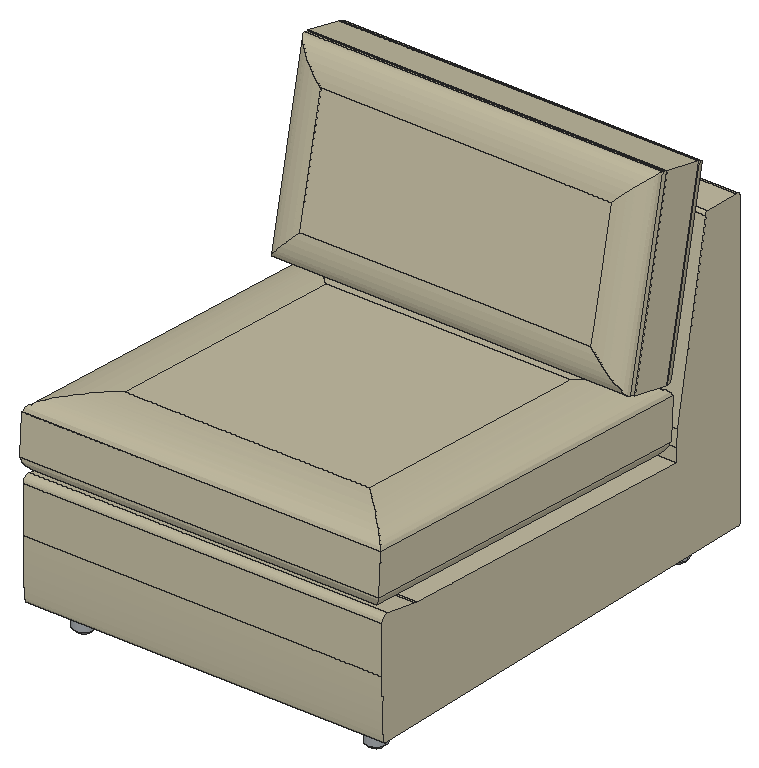
Revit family
Parameters
  URL = "http://www.martinbrattrud.com"
  SCS Certified Product = "Yes"
  Model = "Cypress 820-03"
  Manufacturer = "Martin Brattrud, Inc."
  Leg [instance] = none
  Keynote = "125000"
  Foot [instance] = none
  Copyright = "© 2013 Martin Brattrud, Inc."
  Chair [instance] = none
  Back Cushion [instance] = none
  Authoring Version = "Revit Architecture 2010"
  Assembly Code = "E2020200"
Reference planes (in)
  plane 1 "Center Front/Back": y = 0
  plane 2: z = 0
  plane 3 "Center Left/Right": x = 0
Forms (in)
  Extrusion 1, solid, material <- "Chair"
    sketch origin (0, 0, 0) x (0, 1, 0) y (0, 0, 1)
      loop
        arc (13.84461, 24.5) -> (13.68569, 24.44298) -> (13.59925, 24.29794) r 0.25
        line (13.59925, 24.29794) -> (11.01685, 11.07975)
        arc (11.01685, 11.07975) -> (10.92526, 10.45119) -> (10.89463, 9.81674) r 6.58707
        line (10.89463, 9.81674) -> (10.89463, 8.83599) -> (-13.50686, 10.16953)
        arc (-13.50686, 10.16953) -> (-13.60901, 10.17774) -> (-13.7106, 10.19117) r 2
        line (-13.7106, 10.19117) -> (-16.23955, 10.59172)
        arc (-16.23955, 10.59172) -> (-16.6425, 10.47808) -> (-16.81777, 10.09787) r 0.5
        line (-16.81777, 10.09787) -> (-16.81777, 6.55135)
        spline (-16.81777, 6.55135) -> (-16.81571, 5.95631) -> (-16.80956, 5.37146) -> (-16.79943, 4.8068) -> (-16.78549, 4.27199) -> (-16.76798, 3.77618) -> (-16.7472, 3.32785) -> (-16.72351, 2.93468) -> (-16.6973, 2.60338) -> (-16.66904, 2.33964) -> (-16.63919, 2.14797) -> (-16.60828, 2.03163) -> (-16.57683, 1.99263)
        line (-16.57683, 1.99263) -> (16.67199, 1.99263)
        arc (16.67199, 1.99263) -> (16.76066, 2.02936) -> (16.79739, 2.11803) r 0.1254
        line (16.79739, 2.11803) -> (16.79739, 24.25)
        arc (16.79739, 24.25) -> (16.72417, 24.42678) -> (16.54739, 24.5) r 0.25
        line (16.54739, 24.5) -> (13.84461, 24.5)
    from -13.5 to 13.5
  Extrusion 2, solid, material <- "Chair"
    sketch origin (0, 0, 0) x (0, 1, 0) y (0, 0, 1)
      loop
        line (10.50472, 13.47553) -> (-16.95209, 15.0162) -> (-17.12016, 12.02091) -> (10.33665, 10.48024) -> (10.50472, 13.47553)
    from -13.5 to 13.5
  Sweep 3, solid, material <- "Chair"
    path in 3D
      loop
        line (-13.5, 10.50472, 13.47553) -> (-13.5, -16.95209, 15.0162) -> (13.5, -16.95209, 15.0162) -> (13.5, 10.50472, 13.47553) -> (-13.5, 10.50472, 13.47553)
    profile origin (0, 10.50472, 13.47553) x (0, 0, 1) y (0, 1, 0)
      loop
        line (0.00175, -0.0312) -> (0.3379, -6.02178) -> (1.52353, -5.95525) -> (1.42549, -4.208)
        spline (1.42549, -4.208) -> (1.38427, -3.6547) -> (1.32346, -3.11201) -> (1.24412, -2.58921) -> (1.14759, -2.09525) -> (1.03553, -1.63857) -> (0.90986, -1.227) -> (0.77272, -0.86757) -> (0.62647, -0.56643) -> (0.4736, -0.32875) -> (0.31673, -0.15857) -> (0.15854, -0.05882) -> (0.00175, -0.0312)
  Extrusion 4, solid, material <- "Chair"
    sketch origin (0, 0, 0) x (0, 1, 0) y (0, 0, 1)
      loop
        line (4.54947, 14.99906) -> (-10.86378, 15.86394) -> (-10.93031, 14.6783) -> (4.48294, 13.81343) -> (4.54947, 14.99906)
    from -7.5 to 7.5
  Extrusion 5, solid, material <- "Back Cushion"
    sketch origin (0, 0.71314, -0.17265) x (0, 1, 0) y (0, 0, 1)
      loop
        line (12.15412, 28.45413) -> (9.21928, 29.09474) -> (6.20356, 15.25779) -> (9.1299, 14.62) -> (12.15412, 28.45413)
    from -13.5 to 13.5
  Sweep 6, solid, material <- "Back Cushion"
    path in 3D
      loop
        line (-13.5, 12.86726, 28.28148) -> (-13.5, 9.84304, 14.44735) -> (13.5, 9.84304, 14.44735) -> (13.5, 12.86726, 28.28148) -> (-13.5, 12.86726, 28.28148)
    profile origin (0, 12.86726, 28.28148) x (0, -0.976997, 0.213255) y (0, 0.213255, 0.976997)
      loop
        line (0.00001, -0.03125) -> (-0.28474, -0.03134)
        spline (-0.28474, -0.03134) -> (-0.43975, -0.05278) -> (-0.5921, -0.11662) -> (-0.73917, -0.22178) -> (-0.87845, -0.36646) -> (-1.00757, -0.54818) -> (-1.1243, -0.76384) -> (-1.22665, -1.00973) -> (-1.31287, -1.28166) -> (-1.38149, -1.57498) -> (-1.43133, -1.88465) -> (-1.46154, -2.20539) -> (-1.47159, -2.53171)
        line (-1.47159, -2.53171) -> (-1.47081, -5.03171) -> (0.00158, -5.03125) -> (0.00001, -0.03125)
  Extrusion 7, solid, material <- "Leg"
    sketch origin (0, 0, 0) x (1, 0, 0) y (0, 1, 0)
      loop
        circle (-11, -14.24745) r 0.75
      loop
        circle (11, -14.24745) r 0.75
      loop
        circle (-11, 14.12755) r 0.75
      loop
        circle (11, 14.12755) r 0.75
    from 0.25 to 2
  Extrusion 8, solid, material <- "Foot"
    sketch origin (0, 0, 0) x (1, 0, 0) y (0, 1, 0)
      loop
        circle (-11, -14.24745) r 0.5
      loop
        circle (11, -14.24745) r 0.5
      loop
        circle (-11, 14.12755) r 0.5
      loop
        circle (11, 14.12755) r 0.5
    from 0 to 0.25
  Sweep 9, solid, material <- "Back Cushion"
    path in 3D
      loop
        line (-13.5, 9.93242, 28.92209) -> (-13.5, 6.91691, 15.08606) -> (13.5, 6.91691, 15.08606) -> (13.5, 9.93242, 28.92209) -> (-13.5, 9.93242, 28.92209)
    profile origin (0, 9.93242, 28.92209) x (0, -0.976997, 0.213255) y (0, 0.213255, 0.976997)
      loop
        line (-0.00001, -0.03125) -> (-0.00158, -5.03125) -> (1.47081, -5.03171) -> (1.47159, -2.53171)
        spline (1.47159, -2.53171) -> (1.46154, -2.20539) -> (1.43133, -1.88465) -> (1.38149, -1.57498) -> (1.31287, -1.28166) -> (1.22665, -1.00973) -> (1.1243, -0.76384) -> (1.00757, -0.54818) -> (0.87845, -0.36646) -> (0.73917, -0.22178) -> (0.5921, -0.11662) -> (0.43975, -0.05278) -> (0.28474, -0.03134)
        line (0.28474, -0.03134) -> (-0.00001, -0.03125)
  Sweep 10, solid, material <- "Back Cushion"
    path in 3D
      loop
        line (-8.46875, 11.79277, 23.36631) -> (-8.46875, 13.2312, 23.05186)
    profile origin (-8.46875, 12.51198, 23.20908) x (0, 0.213562, 0.976929) y (1, 0, 0)
      loop
        line (0, 16.9375) -> (-4.09833, 16.9375) -> (-4.09833, 0) -> (0, 0) -> (0, 16.9375)
  Sweep 11, solid, material <- "Back Cushion"
    path in 3D
      loop
        line (-8.46875, 7.42241, 24.31978) -> (-8.46875, 8.86103, 24.00624)
    profile origin (-8.46875, 8.14172, 24.16301) x (0, 0.212948, 0.977064) y (1, 0, 0)
      loop
        line (0, 16.9375) -> (-4.09833, 16.9375) -> (-4.09833, 0) -> (0, 0) -> (0, 16.9375)
  Sweep 12, solid, material <- "Chair"
    path in 3D
      loop
        line (-13.5, 10.33687, 10.48412) -> (-13.5, -17.11994, 12.02479) -> (13.5, -17.11994, 12.02479) -> (13.5, 10.33687, 10.48412) -> (-13.5, 10.33687, 10.48412)
    profile origin (0, 10.33687, 10.48412) x (0, 0.111872, 0.993723) y (0, 0.993723, -0.111872)
      loop
        spline (-0.00563, -0.03098) -> (-0.20255, -0.04564) -> (-0.39897, -0.1113) -> (-0.59155, -0.22683) -> (-0.77697, -0.39026) -> (-0.95207, -0.59879) -> (-1.11385, -0.84886) -> (-1.25955, -1.13619) -> (-1.38666, -1.45585) -> (-1.49303, -1.80238) -> (-1.57681, -2.16986) -> (-1.6366, -2.55199) -> (-1.67135, -2.94224)
        line (-1.67135, -2.94224) -> (-0.1737, -3.02627) -> (-0.00563, -0.03098)
  Extrusion 13, solid, material <- "Chair"
    sketch origin (0, 1.40563, 25.05025) x (0, 0.993723, -0.111872) y (0, 0.111872, 0.993723)
      loop
        line (7.56352, -15.1653) -> (7.47823, -13.64536) -> (-13.9256, -14.84637) -> (-13.84031, -16.36632) -> (7.56352, -15.1653)
    from -7.5 to 7.5
Cuts and joins
  joined: Sweep 9, Sweep 11
  joined: Sweep 6, Sweep 10
  joined: Sweep 3, Extrusion 4
  joined: Sweep 12, Extrusion 13
Lines and regions (in)
  sketch lines
    curve 1: line (13.5, 10.50472, 13.47553) -> (-13.5, 10.50472, 13.47553)
    curve 2: line (-13.5, -16.95209, 15.0162) -> (-13.5, 10.50472, 13.47553)
    curve 3: line (13.5, -16.95209, 15.0162) -> (-13.5, -16.95209, 15.0162)
    curve 4: line (13.5, 10.50472, 13.47553) -> (13.5, -16.95209, 15.0162)
    curve 5: line (13.5, 12.86726, 28.28148) -> (-13.5, 12.86726, 28.28148)
    curve 6: line (-13.5, 12.86726, 28.28148) -> (-13.5, 9.84304, 14.44735)
    curve 7: line (13.5, 9.84304, 14.44735) -> (-13.5, 9.84304, 14.44735)
    curve 8: line (13.5, 9.84304, 14.44735) -> (13.5, 12.86726, 28.28148)
    curve 9: line (13.5, 9.93242, 28.92209) -> (-13.5, 9.93242, 28.92209)
    curve 10: line (-13.5, 9.93242, 28.92209) -> (-13.5, 6.91691, 15.08606)
    curve 11: line (13.5, 6.91691, 15.08606) -> (-13.5, 6.91691, 15.08606)
    curve 12: line (13.5, 6.91691, 15.08606) -> (13.5, 9.93242, 28.92209)
    curve 13: line (-8.46875, 11.79277, 23.36631) -> (-8.46875, 13.2312, 23.05186)
    curve 14: line (-8.46875, 7.42241, 24.31978) -> (-8.46875, 8.86103, 24.00624)
    curve 15: line (13.5, 10.33687, 10.48412) -> (-13.5, 10.33687, 10.48412)
    curve 16: line (-13.5, -17.11994, 12.02479) -> (-13.5, 10.33687, 10.48412)
    curve 17: line (13.5, -17.11994, 12.02479) -> (-13.5, -17.11994, 12.02479)
    curve 18: line (13.5, 10.33687, 10.48412) -> (13.5, -17.11994, 12.02479)
